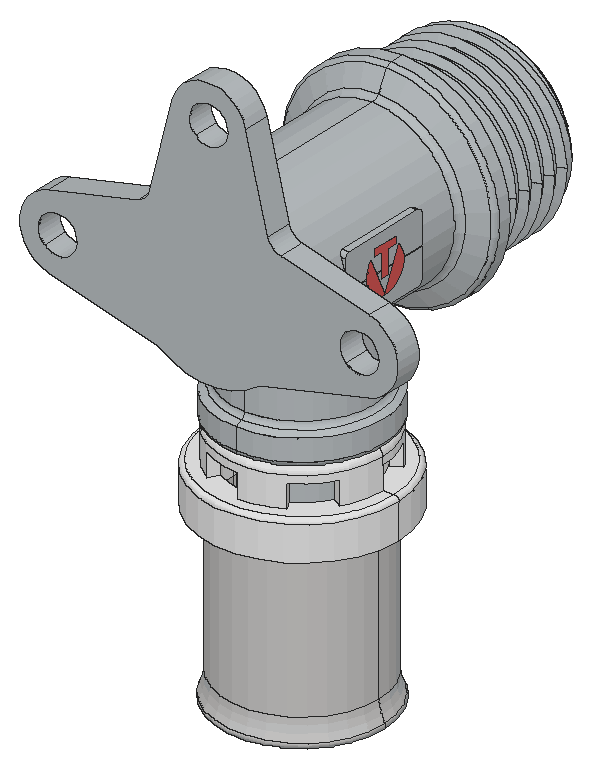
Revit family "VTm_255_ВодорозеткаПресс_ПереходНаружРезьба1", category Соединительные детали трубопроводов, Revit 2017
Family settings
  Размер круглого соединителя = Использовать диаметр
  Тип детали = Отвод
  На основе рабочей плоскости = Нет
  Всегда вертикально = Да
  При загрузке вырезать с полостями = Нет
  Общий = Нет
Parameters (values of type "16 х 1/2"")
  Тело = VTm_255_ТелоРозетки_16_на_ПолДюйма : VTm_255_ТелоРозетки_16_на_ПолДюйма
  Стоимость = 0
  Символ вид сбоку и модель [instance] = yes
  Символ в плане и вид спереди [instance] = yes
  Резьба = VTm_255_РезьбаCоCбегами_Наруж : 1/2" х 5
  РадОтверстий = 2.50 mm  # constant formula
  РадНаружПодРезьбу = 9.02 mm
  РадВнутрПодРезьбу = 7.40 mm
  РадБазы2 = DN2 / 4  # 3.75 mm
  РадБазы1 = DN1 / 4  # 4.00 mm
  С = DN2 * 0.7  # 10.50 mm
  ДлинаШтуцер = 13.00 mm
  Описание = "Служит для соединения резьбовых фитингов и сантехприборов с системами металлополимерных, PEX и PE труб на пресс с поворотом на 90° и неподвижным креплением к строительным конструкциям"  # constant formula
  Комментарии к типоразмеру = "Модель разработана по заказу ВЕСТА Регионы, автор Михаил Кузьмин НПО Инкомис, правообладатель ВЕСТА Регионы"  # constant formula
  Изготовитель = "VALTEC"  # constant formula
  ДоЦентраОтверстий = 17.50 mm
  ДоПятки = 13.50 mm
  ДлинаБазы2 = 14.53 mm
  ДлинаБазы1 = 20.40 mm
  Гильза = VTm_255_Гильза_16 : 16
  Видеть резьбу [instance] = yes
  VT_Цена базовая = 229
  VT_sleeve = Нержавеющая сталь
  VT_ring = Пластмасса, непрозрачная, белая
  VT_logo [instance] = Алюминий, анодированный красный
  VT_body = Цинк
  URL = "http://valtec.ru/catalog/sistemy_metallopolimernyh_i_polimernyh_truboprovodov/press_fitingi/press_fiting_ugolnik_s_krepleniem_vodorozetka_s_narujnoj_rezboj_vtm255n.html"
  DN2 = 15.00 mm
  DN1 = 16.00 mm
  ADSK_Примечание = ""
  ADSK_Позиция = "255.1604"
  ADSK_Обозначение = "VTm.255.N.001604"
  ADSK_Наименование = "Водорозетка пресс с переходом на наружную резьбу 16х1/2\" VTm.255"
  ADSK_Масса_Текст = "0.119"
  ADSK_Масса = 0.119
  ADSK_Завод-изготовитель = "VALTEC"  # constant formula
  ADSK_Единица измерения = "шт"  # constant formula
  ADSK_Версия семейства = "01.01"  # constant formula
  ADSK_Версия Revit = "2017"  # constant formula
Reference planes
  plane 1 "По центру (Вперед/Назад)": y = 0
  plane 2: z = 0
  plane 3 "По центру (Влево/Вправо)": x = 0
  plane 4: y = 14.53
  plane 5: y = 27.53
  plane 6: z = -20.4
  plane 7: z = -36.4
  plane 8: z = -52.4
  plane 9: x = -16
  plane 10: x = 16
  plane 11: y = 16
  plane 12: y = -16
  plane 13: z = -10.5
  plane 14: z = 10.5
  plane 15: x = -10.5
  plane 16: x = 10.5
  plane 17 "Пятка": y = -13.5
  plane 18: z = 17.5
  plane 19: x = 17.5
  plane 20: x = -17.5
Forms (mm)
  Extrusion 1, solid, not visible
    sketch origin (0, 0, 0) x (1, 0, 0) y (0, 0, 1)
      loop
        circle (0, 0) r 3.75
    from -14.53 to 0
  Extrusion 2, solid, not visible
    sketch origin (0, 0, 0) x (1, 0, 0) y (0, 1, 0)
      loop
        circle (0, 0) r 4
    from -20.4 to 0
  Extrusion 3, solid, material "Цинк" <- "VT_body", not visible
    sketch origin (0, 0, 0) x (1, 0, 0) y (0, 0, 1)
      loop
        circle (0, 0) r 9.02
      loop
        circle (0, 0) r 7.4
    from -27.53 to -14.53
Lines and regions (mm)
  model lines, style "VT_symbol", visible <- "Символ в плане и вид спереди", detail levels medium
    curve 1: line (-16, 0, -20.4) -> (16, 0, -52.4)
    curve 2: line (-16, 0, -52.4) -> (16, 0, -20.4)
    curve 8: line (-10.5, 14.53, 0) -> (10.5, 14.53, 0)
  model lines, style "VT_symbol", detail levels coarse+medium
    curve 3: line (0, 0, 0) -> (0, 0, -20.4)
    curve 4: line (0, 14.53, 0) -> (0, 0, 0)
  model lines, style "VT_symbol", visible <- "Символ вид сбоку и модель", detail levels medium
    curve 5: line (0, 16, -20.4) -> (0, -16, -52.4)
    curve 6: line (0, 16, -52.4) -> (0, -16, -20.4)
    curve 7: line (0, 14.53, 10.5) -> (0, 14.53, -10.5)
  model lines, style "VT_symbol", detail levels medium
    curve 9: line (-17.5, -13.5, 0) -> (17.5, -13.5, 0)
    curve 10: line (0, -13.5, 17.5) -> (0, -13.5, 0)
    curve 11: circle (0, -13.5, 17.5) r 2.5 normal (0, -1, 0)
    curve 12: circle (-17.5, -13.5, 0) r 2.5 normal (0, -1, 0)
    curve 13: circle (17.5, -13.5, 0) r 2.5 normal (0, -1, 0)
  model lines, detail levels medium
    curve 14: line (0, 27.53, 0) -> (0, 14.53, 0)
Dimensions and locks
  "ДлинаБазы2": plane 4 to plane 1 "По центру (Вперед/Назад)"
  "ДлинаШтуцер": plane 5 to plane 4
  "ДлинаБазы1": plane 2 to plane 6
  equal spacing: plane 10, plane 3 "По центру (Влево/Вправо)", plane 9
  equal spacing: plane 6, plane 7, plane 8
  "DN1": plane 3 "По центру (Влево/Вправо)" to plane 9
  "DN1": plane 6 to plane 7
  equal spacing: plane 11, plane 1 "По центру (Вперед/Назад)", plane 12
  "DN1": plane 1 "По центру (Вперед/Назад)" to plane 12
  equal spacing: plane 13, plane 2, plane 14
  "С": plane 2 to plane 14
  equal spacing: plane 15, plane 3 "По центру (Влево/Вправо)", plane 16
  "С": plane 15 to plane 3 "По центру (Влево/Вправо)"
  equal spacing: plane 20, plane 3 "По центру (Влево/Вправо)", plane 19
  "ДоЦентраОтверстий": plane 19 to plane 3 "По центру (Влево/Вправо)"
  "ДоЦентраОтверстий": plane 18 to plane 2
  "ДоПятки": plane 17 "Пятка" to plane 1 "По центру (Вперед/Назад)"
  "РадБазы2": radius of Extrusion 1 sketch curve
  "РадБазы1": radius of Extrusion 2 sketch curve
  "РадВнутрПодРезьбу": radius of Extrusion 3 sketch curve
  "РадНаружПодРезьбу": radius of Extrusion 3 sketch curve
  "РадОтверстий": radius of curve 11
  "РадОтверстий": radius of curve 12
  "РадОтверстий": radius of curve 13
  aligned and locked: level to plane 2
  aligned and locked: plane 3 "По центру (Влево/Вправо)" to Extrusion 1 sketch curve
  aligned and locked: plane 2 to Extrusion 1 sketch curve
  aligned and locked: plane 4 to Extrusion 1
  aligned and locked: plane 1 "По центру (Вперед/Назад)" to Extrusion 1
  aligned and locked: plane 3 "По центру (Влево/Вправо)" to Extrusion 2 sketch curve
  aligned and locked: plane 1 "По центру (Вперед/Назад)" to Extrusion 2 sketch curve
  aligned and locked: Extrusion 2 to plane 6
  aligned and locked: plane 2 to Extrusion 2
  aligned and locked: plane 3 "По центру (Влево/Вправо)" to Extrusion 3 sketch curve  (x2)
  aligned and locked: plane 2 to Extrusion 3 sketch curve  (x2)
  aligned and locked: plane 5 to Extrusion 3
  aligned and locked: Extrusion 3 to plane 4
  aligned and locked: plane 3 "По центру (Влево/Вправо)" to nested 1
  aligned and locked: nested 2 to plane 1 "По центру (Вперед/Назад)"
  aligned and locked: plane 3 "По центру (Влево/Вправо)" to nested 2
  aligned and locked: plane 3 "По центру (Влево/Вправо)" to nested 3
  aligned and locked: nested 3 to plane 2
  aligned and locked: plane 1 "По центру (Вперед/Назад)" to nested 4
  aligned and locked: plane 3 "По центру (Влево/Вправо)" to nested 4
  aligned and locked: nested 5 to plane 2
  aligned and locked: plane 3 "По центру (Влево/Вправо)" to nested 5
  aligned and locked: plane 9 to curve 1
  aligned and locked: plane 6 to curve 1
  aligned and locked: plane 10 to curve 2
  aligned and locked: plane 6 to curve 2
  aligned and locked: plane 10 to curve 1
  aligned and locked: plane 8 to curve 1
  aligned and locked: plane 8 to curve 2
  aligned and locked: plane 9 to curve 2
  aligned and locked: plane 6 to curve 3
  aligned and locked: plane 2 to curve 3
  aligned and locked: curve 3 to plane 3 "По центру (Влево/Вправо)"
  aligned and locked: curve 3 to plane 1 "По центру (Вперед/Назад)"
  aligned and locked: plane 4 to curve 4
  aligned and locked: plane 1 "По центру (Вперед/Назад)" to curve 4
  aligned and locked: curve 4 to plane 3 "По центру (Влево/Вправо)"
  aligned and locked: plane 11 to curve 5
  aligned and locked: plane 6 to curve 5
  aligned and locked: plane 6 to curve 6
  aligned and locked: plane 12 to curve 6
  aligned and locked: plane 12 to curve 5
  aligned and locked: plane 8 to curve 5
  aligned and locked: plane 8 to curve 6
  aligned and locked: plane 11 to curve 6
  aligned and locked: plane 4 to curve 7
  aligned and locked: curve 8 to plane 4
  aligned and locked: curve 10 to plane 3 "По центру (Влево/Вправо)"
  aligned and locked: curve 9 to plane 2
  aligned and locked: plane 18 to curve 10
  aligned and locked: plane 20 to curve 9
  aligned and locked: plane 19 to curve 9
  aligned and locked: plane 20 to curve 12
  aligned and locked: plane 2 to curve 12
  aligned and locked: plane 19 to curve 13
  aligned and locked: plane 2 to curve 13
  aligned and locked: plane 3 "По центру (Влево/Вправо)" to curve 11
  aligned and locked: plane 18 to curve 11
  aligned and locked: curve 5 to plane 3 "По центру (Влево/Вправо)"
  aligned and locked: plane 3 "По центру (Влево/Вправо)" to curve 6
  aligned and locked: curve 1 to plane 1 "По центру (Вперед/Назад)"
  aligned and locked: plane 1 "По центру (Вперед/Назад)" to curve 2
  aligned and locked: curve 7 to plane 3 "По центру (Влево/Вправо)"
  aligned and locked: plane 1 "По центру (Вперед/Назад)" to nested 1
  aligned and locked: curve 14 to plane 2
  aligned and locked: plane 5 to curve 14
  aligned and locked: plane 4 to curve 14
Automatic sketch dimensions
  curve 8 to plane 16 = 0.00 mm
  curve 8 to plane 15 = 0.00 mm
  curve 7 to plane 13 = 0.00 mm
  plane 14 to curve 7 = 0.00 mm
Nested families
  nested 1: "VTm_255_ТелоРозетки_16_на_ПолДюйма" at (0, 0, 0), type <- "Тело", type "VTm_255_ТелоРозетки_16_на_ПолДюйма", detail levels fine
  nested 2: "VTm_255_Гильза_16" at (0, 0, -20.4) x (1, 0, 0) z (0, 0, -1), type <- "Гильза", type "16", detail levels fine
  nested 3: "VTm_255_РезьбаCоCбегами_Наруж" at (0, 27.53, 0) x (1, 0, 0) z (0, 1, 0), type <- "Резьба", visible <- "Видеть резьбу", type "1/2" х 5", detail levels fine
  nested 4: "MarkR" at (0, 0, -20.4), type "MarkR", not visible
  nested 5: "MarkR" at (0, 14.53, 0) x (1, 0, 0) z (0, -1, 0), type "MarkR", not visible
Connectors
  piping at (0, 0, -20.4), diameter 16, driven by "DN1"
    settings: on Extrusion 2, index 1, connector inside diameter 609.6 mm, connector length 0.00 mm, flow factor 0, pipe flow 0.0 L/s, pressure drop 0.0 Pa, fitting loss kfactor 0, connector angle 0.00°, fixture units 0, engagement length 0.00 mm, angle of deflection 0.00°, flow configuration 0, flow direction 0, fitting loss method 0, system type 28, joint type 0, gender type 0, connector reference index 2, connector utility 0, adjustable connector no, is connector primary yes, connector description ""
  piping at (0, 14.53, 0), diameter 15, driven by "DN2"
    settings: on Extrusion 1, index 2, connector inside diameter 609.6 mm, connector length 0.00 mm, flow factor 0, pipe flow 0.0 L/s, pressure drop 0.0 Pa, fitting loss kfactor 0, connector angle 90.00°, fixture units 0, engagement length 0.00 mm, angle of deflection 0.00°, flow configuration 0, flow direction 0, fitting loss method 0, system type 28, joint type 0, gender type 0, connector reference index 1, connector utility 0, adjustable connector no, is connector primary no, connector description ""
Definition of nested family "VTm_255_ТелоРозетки_16_на_ПолДюйма"
  Parameters (values of type "VTm_255_ТелоРозетки_16_на_ПолДюйма")
    Description = ""
    Type Comments = ""
    VT_logo = none
    VT_body = none
  Reference planes
    plane 1 "По центру (Вперед/Назад)": y = 0
    plane 2: z = 0
    plane 3 "По центру (Влево/Вправо)": x = 0
    plane 4: z = 22
    plane 5: z = 17.5
    plane 6: x = 22
    plane 7: x = 17.5
    plane 8: x = -22
    plane 9: x = -17.5
    plane 10: x = -9.5
    plane 11: x = 9.5
  Forms (mm)
    Revolve 1, solid, material <- "VT_body"
      sketch origin (0, 0, 0) x (0, 1, 0) y (0, 0, 1)
        loop
          line (14.528, 12.5) -> (12.946, 12.5)
          arc (12.946, 12.5) -> (12.56, 12.397) -> (12.277, 12.114) r 0.772
          line (12.277, 12.114) -> (11.061, 10.007)
          arc (11.061, 10.007) -> (10.69, 9.636) -> (10.183, 9.5) r 1.014
          line (10.183, 9.5) -> (-10.5, 9.5) -> (-10.5, 0) -> (14.528, 0) -> (14.528, 7.4) -> (27.528, 7.4) -> (27.528, 9.02) -> (26.648, 9.9) -> (14.528, 9.9) -> (14.528, 12.5)
        axis (27.528, 0) -> (-10.5, 0)
      angle from 0 to 360
    Revolve 2, solid, material <- "VT_body"
      sketch origin (0, 0, 0) x (0, 1, 0) y (0, 0, 1)
        loop
          line (8.344, 0) -> (0, 0) -> (0, -18.6) -> (8.997, -18.6)
          arc (8.997, -18.6) -> (9.353, -18.453) -> (9.5, -18.097) r 0.503
          line (9.5, -18.097) -> (9.5, -15.6) -> (8.736, -15.159)
          arc (8.736, -15.159) -> (8.449, -14.872) -> (8.344, -14.479) r 0.785
          line (8.344, -14.479) -> (8.344, 0)
        axis (0, -18.6) -> (0, 0)
      angle from 0 to 360
    Extrusion 3, solid, material <- "VT_body"
      sketch origin (-1.204, 0, -4.867) x (-0.707107, 0, -0.707107) y (0.707107, 0, -0.707107)
        loop
          arc (5.143, -1.486) -> (2.425, 4.127) -> (-3.188, 6.845) r 9.5
          line (-3.188, 6.845) -> (-14.381, 13.582)
          arc (-14.381, 13.582) -> (-19.802, 12.918) -> (-20.465, 7.498) r 4.433
          line (-20.465, 7.498) -> (-15.014, -1.559)
          arc (-15.014, -1.559) -> (-14.727, -2.591) -> (-15.014, -3.622) r 2
          line (-15.014, -3.622) -> (-20.465, -12.679)
          arc (-20.465, -12.679) -> (-19.802, -18.099) -> (-14.381, -18.763) r 4.433
          line (-14.381, -18.763) -> (-5.324, -13.312)
          arc (-5.324, -13.312) -> (-4.293, -13.025) -> (-3.261, -13.312) r 2
          line (-3.261, -13.312) -> (5.796, -18.763)
          arc (5.796, -18.763) -> (11.216, -18.099) -> (11.879, -12.679) r 4.433
          line (11.879, -12.679) -> (5.143, -1.486)
        loop
          circle (8.082, -14.965) r 2.25
        loop
          circle (-16.667, -14.965) r 2.25
        loop
          circle (-16.667, 9.784) r 2.25
      from 10.5 to 13.5
    Extrusion 4, solid, material <- "VT_body"
      sketch origin (0, 0, 0) x (0, 1, 0) y (0, 0, 1)
        loop
          arc (-4.968, 4) -> (-5.344, 3.844) -> (-5.5, 3.468) r 0.532
          line (-5.5, 3.468) -> (-5.5, -3.347)
          arc (-5.5, -3.347) -> (-5.309, -3.809) -> (-4.847, -4) r 0.653
          line (-4.847, -4) -> (4.652, -4)
          arc (4.652, -4) -> (5.252, -3.752) -> (5.5, -3.152) r 0.848
          line (5.5, -3.152) -> (5.5, 3.27)
          arc (5.5, 3.27) -> (5.286, 3.786) -> (4.77, 4) r 0.73
          line (4.77, 4) -> (-4.968, 4)
      from -9.5 to 9.5
  Cuts and joins
    joined: Revolve 1, Revolve 2
  Dimensions and locks
    Revolve 1 sketch curve to plane 2 = 7.40 mm
    equal spacing: Extrusion 4 sketch curve, plane 1 "По центру (Вперед/Назад)", Extrusion 4 sketch curve
    equal spacing: Extrusion 4 sketch curve, plane 2, Extrusion 4 sketch curve
    plane 1 "По центру (Вперед/Назад)" to Extrusion 4 sketch curve = 5.50 mm
    Extrusion 4 sketch curve to plane 2 = 4.00 mm
    equal spacing: plane 11, plane 3 "По центру (Влево/Вправо)", plane 10, locked at 9.5 each
    plane 3 "По центру (Влево/Вправо)" to plane 10 = 9.50 mm
    locked: plane 1 "По центру (Вперед/Назад)" to Extrusion 3 at 13.5
    locked: plane 1 "По центру (Вперед/Назад)" to Extrusion 3 at 10.5
    locked: plane 5 to plane 2 at 17.5
    locked: plane 4 to plane 2 at 22
    locked: plane 2 to Revolve 2 at 15.6
    Revolve 1 to plane 1 "По центру (Вперед/Назад)" = 14.528 mm
    equal spacing: Extrusion 4, plane 2, Extrusion 4, locked at 4 each
    equal spacing: Extrusion 4, plane 1 "По центру (Вперед/Назад)", Extrusion 4, locked at 5.5 each
    equal spacing: plane 9, plane 3 "По центру (Влево/Вправо)", plane 7, locked at 17.5 each
    equal spacing: plane 8, plane 3 "По центру (Влево/Вправо)", plane 6, locked at 22 each
    Revolve 1 sketch curve to plane 2 = 9.90 mm
    Revolve 1 sketch curve to Revolve 1 sketch curve = 2.50 mm
    aligned and locked: level to plane 2
    aligned and locked: Revolve 1 sketch curve to plane 2
    aligned and locked: Revolve 1 sketch curve to Revolve 1 sketch curve
    aligned and locked: plane 1 "По центру (Вперед/Назад)" to Revolve 2 sketch curve
    aligned and locked: Revolve 2 sketch curve to Revolve 2 sketch curve
    aligned and locked: plane 5 to Extrusion 3 sketch curve  (x2)
    aligned and locked: plane 3 "По центру (Влево/Вправо)" to Extrusion 3 sketch curve  (x2)
    aligned and locked: plane 9 to Extrusion 3 sketch curve  (x2)
    aligned and locked: plane 2 to Extrusion 3 sketch curve  (x4)
    aligned and locked: plane 7 to Extrusion 3 sketch curve  (x2)
    aligned and locked: Extrusion 4 to plane 10
    aligned and locked: Extrusion 4 to plane 11
    aligned and locked: plane 1 "По центру (Вперед/Назад)" to nested 2
    aligned and locked: nested 2 to plane 2
    aligned and locked: nested 1 to plane 1 "По центру (Вперед/Назад)"
    aligned and locked: nested 1 to plane 2
  Automatic sketch dimensions
    Revolve 2 sketch curve to level = 0.00 mm
    Revolve 2 sketch curve to plane 1 "По центру (Вперед/Назад)" = 8.344 mm
    Revolve 2 sketch curve to Revolve 2 sketch curve = 0.392 mm  (x2)
    Revolve 2 sketch curve to Revolve 2 sketch curve = 0.26 mm
    Revolve 2 sketch curve to Revolve 2 sketch curve = 0.441 mm
    Revolve 2 sketch curve to Revolve 2 sketch curve = 2.497 mm
    Revolve 2 sketch curve to Revolve 2 sketch curve = 11.801 mm
    level to Revolve 2 sketch curve = 14.599 mm
    Revolve 2 sketch curve to Revolve 2 sketch curve = 14.479 mm
    Extrusion 3 sketch curve to level = 0.00 mm
    Extrusion 3 sketch curve to plane 3 "По центру (Влево/Вправо)" = 0.00 mm
    Extrusion 3 sketch curve to Extrusion 3 sketch curve = 0.06 mm  (x2)
    Extrusion 3 sketch curve to Extrusion 3 sketch curve = 3.798 mm  (x4)
    Extrusion 3 sketch curve to Extrusion 3 sketch curve = 1.714 mm  (x2)
    Extrusion 3 sketch curve to Extrusion 3 sketch curve = 2.286 mm  (x3)
    Extrusion 3 sketch curve to Extrusion 3 sketch curve = 9.057 mm  (x2)
    Extrusion 3 sketch curve to Extrusion 3 sketch curve = 1.031 mm  (x2)
    Extrusion 3 sketch curve to Extrusion 3 sketch curve = 1.104 mm  (x2)
    Extrusion 3 sketch curve to Extrusion 3 sketch curve = 9.436 mm
    Extrusion 4 sketch curve to Extrusion 4 sketch curve = 0.532 mm
    Extrusion 4 sketch curve to Extrusion 4 sketch curve = 0.653 mm
    Extrusion 4 sketch curve to Extrusion 4 sketch curve = 0.848 mm
    Extrusion 4 sketch curve to Extrusion 4 sketch curve = 0.73 mm
    plane 1 "По центру (Вперед/Назад)" to Revolve 1 sketch curve = 10.50 mm
    Revolve 1 sketch curve to plane 1 "По центру (Вперед/Назад)" = 10.183 mm
    Revolve 1 sketch curve to Revolve 1 sketch curve = 0.878 mm
    Revolve 1 sketch curve to plane 5 = 5.386 mm
    Revolve 1 sketch curve to Revolve 1 sketch curve = 1.216 mm
    Revolve 1 sketch curve to Revolve 1 sketch curve = 0.669 mm
    Revolve 1 sketch curve to Revolve 1 sketch curve = 4.346 mm
    Revolve 1 sketch curve to Revolve 1 sketch curve = 1.582 mm
    Revolve 1 sketch curve to Revolve 1 sketch curve = 12.12 mm
    Revolve 1 sketch curve to Revolve 1 sketch curve = 0.88 mm  (x2)
    level to Revolve 1 sketch curve = 9.50 mm
    Revolve 1 sketch curve to Revolve 1 sketch curve = 11.335 mm
    Revolve 1 sketch curve to Revolve 1 sketch curve = 9.692 mm
    radius of Extrusion 3 sketch curve = 2.25 mm  (x3)
  Nested families
    nested 1: "VTm_254_Logo_5_5mm" at (9.5, 0, 0) x (0, 1, 0) z (1, 0, 0), type "VTm_254_Logo_5_5mm"
    nested 2: "VTm_254_Logo_5_5mm" at (-9.5, 0, 0) x (0, -1, 0) z (-1, 0, 0), type "VTm_254_Logo_5_5mm"
  Definition of nested family "VTm_254_Logo_5_5mm"
    Parameters (values of type "VTm_254_Logo_5_5mm")
      Default Elevation = 0.00 mm
      Description = ""
      Type Comments = ""
      VT_logo = none
    Reference planes
      plane 1 "По центру (Вперед/Назад)": y = 0
      plane 2: z = 0
      plane 3 "По центру (Влево/Вправо)": x = 0
      plane 4: z = -0.8
      plane 5: z = 0.1
    Forms (mm)
      Extrusion 1, solid, not visible
        sketch origin (0, 0, 0) x (1, 0, 0) y (0, 1, 0)
          loop
            line (-1219.2, 1219.2) -> (-1219.2, -1219.2) -> (1219.2, -1219.2) -> (1219.2, 1219.2) -> (-1219.2, 1219.2)
        from 0 to -304.8
      Extrusion 2, solid, material <- "VT_logo"
        sketch origin (0, 0, 0) x (1, 0, 0) y (0, 1, 0)
          loop
            arc (-2.006, 1.803) -> (-2.464, -1.097) -> (-0.002, -2.697) r 2.697
            line (-0.002, -2.697) -> (-2.006, 1.803)
          loop
            line (-0.42, 1.945) -> (-0.42, -0.8) -> (0.42, -0.8) -> (0.42, 1.945) -> (1.5, 1.945) -> (1.5, 2.749) -> (-1.5, 2.749) -> (-1.5, 1.945) -> (-0.42, 1.945)
        from -0.8 to 0.1
      Extrusion 3, solid, material <- "VT_logo"
        sketch origin (0, 0, 0) x (1, 0, 0) y (0, 1, 0)
          loop
            arc (0.002, -2.697) -> (2.464, -1.097) -> (2.006, 1.803) r 2.697
            line (2.006, 1.803) -> (0.002, -2.697)
        from -0.8 to 0.1
    Dimensions and locks
      equal spacing: Extrusion 2 sketch curve, plane 3 "По центру (Влево/Вправо)", Extrusion 2 sketch curve  (x2)
      plane 3 "По центру (Влево/Вправо)" to Extrusion 2 sketch curve = 0.42 mm
      Extrusion 2 sketch curve to plane 3 "По центру (Влево/Вправо)" to Extrusion 2 sketch curve = 1.50 mm, 1.50 mm
      Extrusion 2 sketch curve to Extrusion 2 sketch curve = 0.803 mm  (x2)
      locked: plane 2 to plane 4 at 0.8
      locked: plane 5 to plane 2 at 0.1
      equal spacing: Extrusion 2, plane 3 "По центру (Влево/Вправо)", Extrusion 2, locked at 1.5 each
      equal spacing: Extrusion 2, plane 3 "По центру (Влево/Вправо)", Extrusion 2, locked at 0.42 each
      locked: Extrusion 2 to plane 1 "По центру (Вперед/Назад)" at 2.749
      locked: Extrusion 2 to plane 1 "По центру (Вперед/Назад)" at 0.8
      locked: Extrusion 2 to Extrusion 2 at 0.803
      Extrusion 2 sketch curve to plane 1 "По центру (Вперед/Назад)" = 0.80 mm
      aligned and locked: plane 2 to Extrusion 1
      aligned and locked: level to Extrusion 1
      aligned and locked: plane 5 to Extrusion 2
      aligned and locked: plane 3 "По центру (Влево/Вправо)" to Extrusion 2 sketch curve
      aligned and locked: plane 1 "По центру (Вперед/Назад)" to Extrusion 2 sketch curve
      aligned and locked: plane 3 "По центру (Влево/Вправо)" to Extrusion 3 sketch curve
      aligned and locked: plane 1 "По центру (Вперед/Назад)" to Extrusion 3 sketch curve
      aligned and locked: plane 5 to Extrusion 3
      aligned and locked: Extrusion 2 to plane 4
      aligned and locked: Extrusion 2 to Extrusion 3
    Automatic sketch dimensions
      Extrusion 1 sketch curve to Extrusion 1 sketch curve = 2438.40 mm  (x2)
      Extrusion 2 sketch curve to Extrusion 2 sketch curve = 0.506 mm
      Extrusion 2 sketch curve to plane 3 "По центру (Влево/Вправо)" = 0.002 mm
      Extrusion 2 sketch curve to Extrusion 2 sketch curve = 1.897 mm
      Extrusion 2 sketch curve to Extrusion 2 sketch curve = 0.142 mm
      plane 3 "По центру (Влево/Вправо)" to Extrusion 3 sketch curve = 0.002 mm
      plane 3 "По центру (Влево/Вправо)" to Extrusion 3 sketch curve = 2.006 mm
      plane 1 "По центру (Вперед/Назад)" to Extrusion 3 sketch curve = 2.697 mm
Definition of nested family "VTm_255_Гильза_16"
  Parameters (values of type "16")
    ТолщСтенкТруб = 2.10 mm
    РегулировкаВысотГильз = 17.30 mm
    РадПерфНаруж = 9.30 mm
    РадПерфВнутр = РадПерфНаруж - 1.30 mm  # 8.00 mm
    РадГабаритКольца = 11.20 mm
    Default Elevation = 0.00 mm
    НарРадТруб = НарДиамТруб / 2  # 8.00 mm
    НарДиамТруб = 16.00 mm
    ВысотаОкон = 2.697 mm
    VT_body = none
    VT_ring = none
    VT_sleeve = none
  Reference planes
    plane 1 "По центру (Вперед/Назад)": y = 0
    plane 2: z = 0
    plane 3 "По центру (Влево/Вправо)": x = 0
    plane 4: z = -1.8
    plane 5: z = 2.697
    plane 6: z = 7.197
    plane 7: x = -11.2
    plane 8: x = -9.3
    plane 9 "РадПерфВнутр": x = -8
    plane 10: through (0, 0, 1219.2) normal (-0.5, -0.866, 0)
    plane 11: through (0, 0, 1219.2) normal (-0.866, -0.5, 0)
    plane 12: through (0, 0, 1219.2) normal (-0.866, 0.5, 0)
    plane 13: through (0, 0, 1219.2) normal (-0.5, 0.866, 0)
    plane 14: x = -8.9
    plane 15: z = 24.497
    plane 16: z = 27.313
    plane 17: x = -5.9
    plane 18: x = -3.5
    plane 19 "РадНарТруб": x = -8
    plane 20: x = -13.75
  Forms (mm)
    Extrusion 1, solid, not visible
      sketch origin (0, 0, 0) x (1, 0, 0) y (0, 1, 0)
        loop
          line (-1219.2, 1219.2) -> (-1219.2, -1219.2) -> (1219.2, -1219.2) -> (1219.2, 1219.2) -> (-1219.2, 1219.2)
      from 0 to -304.8
    Revolve 2, solid, material <- "VT_ring"
      sketch origin (0, 0, 0) x (1, 0, 0) y (0, 0, 1)
        loop
          line (-8, 0) -> (-8, 2.697) -> (-9.3, 2.697) -> (-9.3, -0.817)
          arc (-9.3, -0.817) -> (-9.012, -1.512) -> (-8.317, -1.8) r 0.983
          line (-8.317, -1.8) -> (0, -1.8) -> (0, 0) -> (-8, 0)
        axis (0, 2.697) -> (0, -1.8)
      angle from 0 to 360
    Extrusion 3, void
      sketch origin (0, 0, 0) x (1, 0, 0) y (0, 1, 0)
        loop
          line (-9.3, 0) -> (-8, 0)
          arc (-8, 0) -> (-7.727, 2.071) -> (-6.928, 4) r 8
          line (-6.928, 4) -> (-8.054, 4.65)
          arc (-8.054, 4.65) -> (-8.983, 2.407) -> (-9.3, 0) r 9.3
        loop
          arc (-4, 6.928) -> (-2.071, 7.727) -> (0, 8) r 8
          line (0, 8) -> (0, 9.3)
          arc (0, 9.3) -> (-2.407, 8.983) -> (-4.65, 8.054) r 9.3
          line (-4.65, 8.054) -> (-4, 6.928)
        loop
          arc (4, 6.928) -> (5.657, 5.657) -> (6.928, 4) r 8
          line (6.928, 4) -> (8.054, 4.65)
          arc (8.054, 4.65) -> (6.576, 6.576) -> (4.65, 8.054) r 9.3
          line (4.65, 8.054) -> (4, 6.928)
        loop
          arc (8, 0) -> (7.727, -2.071) -> (6.928, -4) r 8
          line (6.928, -4) -> (8.054, -4.65)
          arc (8.054, -4.65) -> (8.983, -2.407) -> (9.3, 0) r 9.3
          line (9.3, 0) -> (8, 0)
        loop
          arc (4, -6.928) -> (2.071, -7.727) -> (0, -8) r 8
          line (0, -8) -> (0, -9.3)
          arc (0, -9.3) -> (2.407, -8.983) -> (4.65, -8.054) r 9.3
          line (4.65, -8.054) -> (4, -6.928)
        loop
          arc (-8.054, -4.65) -> (-6.576, -6.576) -> (-4.65, -8.054) r 9.3
          line (-4.65, -8.054) -> (-4, -6.928)
          arc (-4, -6.928) -> (-5.657, -5.657) -> (-6.928, -4) r 8
          line (-6.928, -4) -> (-8.054, -4.65)
      from 0 to 2.697
    Revolve 4, solid, material <- "VT_ring"
      sketch origin (0, 0, 0) x (1, 0, 0) y (0, 0, 1)
        loop
          line (-11.2, 7.197) -> (-11.2, 3.224)
          arc (-11.2, 3.224) -> (-11.046, 2.851) -> (-10.674, 2.697) r 0.526
          line (-10.674, 2.697) -> (-8, 2.697) -> (-8, 7.197) -> (-11.2, 7.197)
        axis (0, 2.697) -> (0, 7.197)
      angle from 0 to 360
    Revolve 5, solid, material <- "VT_sleeve"
      sketch origin (0, 0, 0) x (1, 0, 0) y (0, 0, 1)
        loop
          line (-8.9, 7.197) -> (-8, 7.197) -> (-8, 24.497)
          arc (-8, 24.497) -> (-8.187, 25.953) -> (-8.737, 27.313) r 5.75
          arc (-8.737, 27.313) -> (-9.35, 27.485) -> (-9.522, 26.873) r 0.45
          arc (-9.522, 26.873) -> (-9.058, 25.725) -> (-8.9, 24.497) r 4.85
          line (-8.9, 24.497) -> (-8.9, 7.197)
        axis (0, 27.313) -> (0, 7.197)
      angle from 0 to 360
    Revolve 6, solid, material <- "VT_body"
      sketch origin (0, 0, 0) x (1, 0, 0) y (0, 0, 1)
        loop
          line (-3.764, 24.955) -> (-4.576, 26.366)
          arc (-4.576, 26.366) -> (-4.898, 26.631) -> (-5.315, 26.617) r 0.591
          arc (-5.315, 26.617) -> (-5.74, 26.267) -> (-5.9, 25.739) r 0.951
          line (-5.9, 25.739) -> (-5.9, 0) -> (-3.5, 0) -> (-3.5, 23.969)
          arc (-3.5, 23.969) -> (-3.567, 24.479) -> (-3.764, 24.955) r 1.977
        axis (0, 26.617) -> (0, 0)
      angle from 0 to 360
  Cuts and joins
    Extrusion 3 cuts Revolve 2
  Dimensions and locks
    "РадГабаритКольца": plane 7 to plane 3 "По центру (Влево/Вправо)"
    "РадПерфНаруж": plane 8 to plane 3 "По центру (Влево/Вправо)"
    "РадПерфВнутр": plane 9 "РадПерфВнутр" to plane 3 "По центру (Влево/Вправо)"
    locked: plane 17 to plane 18 at 2.4
    "ТолщСтенкТруб": plane 19 "РадНарТруб" to plane 17
    "НарРадТруб": plane 19 "РадНарТруб" to plane 3 "По центру (Влево/Вправо)"
    locked: plane 14 to plane 19 "РадНарТруб" at 0.9
    "РегулировкаВысотГильз": plane 15 to plane 6
    locked: plane 16 to plane 15 at 2.816
    plane 16 to plane 4 = 29.113 mm
    locked: plane 19 "РадНарТруб" to plane 20 at 5.75
    locked: plane 6 to plane 5 at 4.5
    locked: plane 2 to plane 4 at 1.8
    "ВысотаОкон": plane 5 to plane 2
    "РадПерфВнутр": radius of Extrusion 3 sketch curve  (x6)
    "РадПерфНаруж": radius of Extrusion 3 sketch curve  (x6)
    aligned and locked: plane 2 to Extrusion 1
    aligned and locked: level to Extrusion 1
    aligned and locked: Revolve 2 sketch curve to plane 8
    aligned and locked: Revolve 2 sketch curve to plane 3 "По центру (Влево/Вправо)"
    aligned and locked: plane 2 to Revolve 2 sketch curve
    aligned and locked: plane 4 to Revolve 2 sketch curve  (x2)
    aligned and locked: Revolve 2 sketch curve to plane 2
    aligned and locked: Extrusion 3 sketch curve to plane 1 "По центру (Вперед/Назад)"
    aligned and locked: plane 10 to Extrusion 3 sketch curve
    aligned and locked: plane 3 "По центру (Влево/Вправо)" to Extrusion 3 sketch curve  (x13)
    aligned and locked: plane 1 "По центру (Вперед/Назад)" to Extrusion 3 sketch curve  (x13)
    aligned and locked: Extrusion 3 to plane 2
    aligned and locked: plane 5 to Extrusion 3
    aligned and locked: Revolve 2 sketch curve to plane 9 "РадПерфВнутр"
    aligned and locked: Revolve 2 sketch curve to plane 5
    aligned and locked: Extrusion 3 sketch curve to plane 11
    aligned and locked: Extrusion 3 sketch curve to plane 3 "По центру (Влево/Вправо)"
    aligned and locked: Extrusion 3 sketch curve to plane 12
    aligned and locked: plane 13 to Extrusion 3 sketch curve
    aligned and locked: Extrusion 3 sketch curve to plane 10
    aligned and locked: plane 11 to Extrusion 3 sketch curve
    aligned and locked: Extrusion 3 sketch curve to plane 13
    aligned and locked: plane 12 to Extrusion 3 sketch curve
    aligned and locked: plane 9 "РадПерфВнутр" to Revolve 4 sketch curve
    aligned and locked: plane 7 to Revolve 4 sketch curve
    aligned and locked: plane 6 to Revolve 4 sketch curve
    aligned and locked: Revolve 4 sketch curve to plane 5
    aligned and locked: plane 3 "По центру (Влево/Вправо)" to Revolve 4 sketch curve
    aligned and locked: plane 4 to Revolve 4 sketch curve
    aligned and locked: plane 2 to Revolve 4 sketch curve
    aligned and locked: Revolve 5 sketch curve to plane 3 "По центру (Влево/Вправо)"
    aligned and locked: plane 4 to Revolve 5 sketch curve
    aligned and locked: plane 2 to Revolve 5 sketch curve
    aligned and locked: Revolve 5 sketch curve to plane 14
    aligned and locked: Revolve 5 sketch curve to plane 6
    aligned and locked: Revolve 6 sketch curve to plane 2
    aligned and locked: plane 17 to Revolve 6 sketch curve
    aligned and locked: Revolve 6 sketch curve to plane 3 "По центру (Влево/Вправо)"
    aligned and locked: plane 4 to Revolve 6 sketch curve
    aligned and locked: plane 2 to Revolve 6 sketch curve
    aligned and locked: Revolve 6 sketch curve to plane 18
    aligned and locked: Revolve 5 sketch curve to plane 19 "РадНарТруб"
    aligned and locked: plane 20 to Revolve 5 sketch curve  (x2)
    aligned and locked: plane 15 to Revolve 5 sketch curve  (x2)
  Automatic sketch dimensions
    Extrusion 1 sketch curve to Extrusion 1 sketch curve = 2438.40 mm  (x2)
    Revolve 2 sketch curve to plane 3 "По центру (Влево/Вправо)" = 0.00 mm
    Revolve 2 sketch curve to plane 9 "РадПерфВнутр" = 0.317 mm
    Revolve 4 sketch curve to Revolve 4 sketch curve = 0.526 mm
    Revolve 5 sketch curve to plane 16 = 0.00 mm
    Revolve 5 sketch curve to Revolve 5 sketch curve = 0.00 mm  (x2)
    Revolve 6 sketch curve to plane 17 = 0.423 mm
    Revolve 6 sketch curve to plane 17 = 0.812 mm
    Revolve 6 sketch curve to Revolve 6 sketch curve = 0.139 mm
    Revolve 6 sketch curve to Revolve 6 sketch curve = 0.512 mm
    plane 18 to Revolve 6 sketch curve = 0.264 mm
    plane 15 to Revolve 6 sketch curve = 0.528 mm
    Revolve 6 sketch curve to Revolve 6 sketch curve = 0.332 mm
Definition of nested family "VTm_255_РезьбаCоCбегами_Наруж"
  Parameters (values of type "1/2" х 5")
    Погружение = 0.90 mm  # constant formula
    Default Elevation = 0.00 mm
    Z = 5
    VT_body = none
    P = 1.814 mm
    L = Z * P + P * 1.5  # 11.791 mm
    H = P * 0.96049  # 1.742 mm
    D2/2 = D2 / 2  # 9.896 mm
    D2 = 19.793 mm
    1/2P = P / 2  # 0.907 mm
  Reference planes
    plane 1 "По центру (Вперед/Назад)": y = 0
    plane 2: z = 0
    plane 3 "По центру (Влево/Вправо)": x = 0
    plane 4: x = -9.896
    plane 5 "1": z = -12.691
    plane 6 "2": z = -11.784
    plane 7: x = 9.897
    plane 8: x = -9.025
    plane 9: x = -10.768
    plane 10: x = 9.025
    plane 11: x = 10.768
    plane 12 "3": z = -10.877
    plane 13 "4": z = -9.97
    plane 14 "3A": z = -2.714
    plane 15 "2A": z = -1.807
    plane 16 "1A": z = -0.9
  Forms (mm)
    Extrusion 1, solid
      sketch origin (0, 0, 0) x (1, 0, 0) y (0, 1, 0)
        loop
          line (-1219.2, 1219.2) -> (-1219.2, -1219.2) -> (1219.2, -1219.2) -> (1219.2, 1219.2) -> (-1219.2, 1219.2)
      from 0 to -304.8
    SweptBlend 2, solid, material <- "VT_body"
      path origin (0, 0, -12.691) x (-1, 0, 0) y (0, -1, 0)
        loop
          arc (9.896, 0) -> (0, 9.897) -> (-9.897, 0) r 9.896
      profile origin (-9.896, 0, -12.691) x (1, 0, 0) y (0, 0, 1)
        loop
          line (0.871, 0.907) -> (0, 0) -> (0.871, 0) -> (0.871, 0.907)
      end profile origin (9.897, 0, -12.691) x (-1, 0, 0) y (0, 0, 1)
        loop
          line (0.871, 1.814) -> (-0.871, 0.907) -> (0.871, 0) -> (0.871, 1.814)
    SweptBlend 3, solid, material <- "VT_body"
      path origin (0, 0, -11.784) x (-1, 0, 0) y (0, -1, 0)
        loop
          arc (-9.897, 0) -> (0, -9.896) -> (9.896, 0) r 9.896
      profile origin (9.897, 0, -11.784) x (-1, 0, 0) y (0, 0, 1)
        loop
          line (0.871, 0.907) -> (-0.871, 0) -> (0.871, -0.907) -> (0.871, 0.907)
      end profile origin (-9.896, 0, -11.784) x (1, 0, 0) y (0, 0, 1)
        loop
          line (0.871, 1.814) -> (-0.871, 0.907) -> (0.871, 0) -> (0.871, 1.814)
    SweptBlend 4, solid, material <- "VT_body"
      path origin (0, 0, -0.9) x (-1, 0, 0) y (0, -1, 0)
        loop
          arc (-9.897, 0) -> (0, 9.897) -> (9.896, 0) r 9.896
      profile origin (9.897, 0, -0.9) x (1, 0, 0) y (0, 0, 1)
        loop
          line (-0.871, 0) -> (-0.871, -0.907) -> (0, 0) -> (-0.871, 0)
      end profile origin (-9.896, 0, -0.9) x (-1, 0, 0) y (0, 0, 1)
        loop
          line (-0.871, 0) -> (-0.871, -1.814) -> (0.871, -0.907) -> (-0.871, 0)
  Dimensions and locks
    equal spacing: plane 7, plane 3 "По центру (Влево/Вправо)", plane 4
    "D2": plane 7 to plane 4
    equal spacing: plane 8, plane 4, plane 9
    "H": plane 8 to plane 9
    equal spacing: plane 10, plane 3 "По центру (Влево/Вправо)", plane 8
    equal spacing: plane 11, plane 3 "По центру (Влево/Вправо)", plane 9
    "1/2P": plane 6 "2" to plane 5 "1"
    "1/2P": plane 16 "1A" to plane 15 "2A"
    "L": plane 16 "1A" to plane 5 "1"
    equal spacing: plane 16 "1A", plane 15 "2A", plane 14 "3A"
    equal spacing: plane 13 "4", plane 12 "3", plane 6 "2", plane 5 "1"
    equal spacing: group 1, group 2, group 3, group 4, group 5  (x3)
    "P": nested 2 to plane 12 "3"
    "Погружение": plane 2 to plane 16 "1A"
    "D2/2": radius of SweptBlend 3 sketch curve
    "D2/2": radius of SweptBlend 2 sketch curve
    "D2/2": radius of SweptBlend 4 sketch curve
    aligned and locked: plane 2 to Extrusion 1
    aligned and locked: level to Extrusion 1
    aligned and locked: plane 1 "По центру (Вперед/Назад)" to SweptBlend 2 sketch curve  (x2)
    aligned and locked: plane 7 to SweptBlend 2 sketch curve
    aligned and locked: plane 8 to SweptBlend 2 sketch curve
    aligned and locked: plane 6 "2" to SweptBlend 2 sketch curve  (x2)
    aligned and locked: plane 10 to SweptBlend 2 sketch curve
    aligned and locked: plane 12 "3" to SweptBlend 2 sketch curve
    aligned and locked: plane 11 to SweptBlend 2 sketch curve
    aligned and locked: SweptBlend 3 sketch curve to SweptBlend 2  (x4)
    aligned and locked: SweptBlend 2 to SweptBlend 3 sketch curve
    aligned and locked: plane 1 "По центру (Вперед/Назад)" to SweptBlend 3 sketch curve
    aligned and locked: plane 4 to SweptBlend 3 sketch curve
    aligned and locked: plane 8 to SweptBlend 3 sketch curve
    aligned and locked: plane 6 "2" to SweptBlend 3 sketch curve
    aligned and locked: plane 13 "4" to SweptBlend 3 sketch curve
    aligned and locked: SweptBlend 3 sketch curve to plane 9
    aligned and locked: plane 12 "3" to SweptBlend 3 sketch curve
    aligned and locked: plane 5 "1" to SweptBlend 2 sketch curve  (x2)
    aligned and locked: plane 3 "По центру (Влево/Вправо)" to SweptBlend 4 sketch curve
    aligned and locked: plane 1 "По центру (Вперед/Назад)" to SweptBlend 4 sketch curve  (x3)
    aligned and locked: plane 8 to SweptBlend 4 sketch curve
    aligned and locked: plane 14 "3A" to SweptBlend 4 sketch curve
    aligned and locked: plane 16 "1A" to SweptBlend 4 sketch curve  (x3)
    aligned and locked: SweptBlend 4 sketch curve to plane 9
    aligned and locked: plane 15 "2A" to SweptBlend 4 sketch curve  (x2)
    aligned and locked: plane 10 to SweptBlend 4 sketch curve
    aligned and locked: plane 7 to SweptBlend 4 sketch curve
    aligned and locked: plane 1 "По центру (Вперед/Назад)" to nested 1
    aligned and locked: plane 3 "По центру (Влево/Вправо)" to nested 1
    aligned and locked: plane 12 "3" to nested 1
  Automatic sketch dimensions
    Extrusion 1 sketch curve to Extrusion 1 sketch curve = 2438.40 mm  (x2)
    profile plane to SweptBlend 2 sketch curve = 0.00 mm
  Nested families
    nested 1: "VTm_201_НиткиРезьбы_для_РезьбаСоСбегами_Наруж" at (0, 0, -9.97), type "VTm_201_НиткиРезьбы_для_РезьбаСоСбегами_Наруж"
    nested 2: "VTm_201_НиткиРезьбы_для_РезьбаСоСбегами_Наруж" at (0, 0, -8.156), type "VTm_201_НиткиРезьбы_для_РезьбаСоСбегами_Наруж"
    nested 3: "VTm_201_НиткиРезьбы_для_РезьбаСоСбегами_Наруж" at (0, 0, -6.342), type "VTm_201_НиткиРезьбы_для_РезьбаСоСбегами_Наруж"
    nested 4: "VTm_201_НиткиРезьбы_для_РезьбаСоСбегами_Наруж" at (0, 0, -4.528), type "VTm_201_НиткиРезьбы_для_РезьбаСоСбегами_Наруж"
    nested 5: "VTm_201_НиткиРезьбы_для_РезьбаСоСбегами_Наруж" at (0, 0, -2.714), type "VTm_201_НиткиРезьбы_для_РезьбаСоСбегами_Наруж"
  Definition of nested family "VTm_201_НиткиРезьбы_для_РезьбаСоСбегами_Наруж"
    Parameters (values of type "VTm_201_НиткиРезьбы_для_РезьбаСоСбегами_Наруж")
      Шаг = 1.814 mm
      Профиль = Шаг * 0.96049  # 1.742 mm
      ПолШага = Шаг / 2  # 0.907 mm
      ПолД2 = Д2 / 2  # 9.896 mm
      Д2 = 19.793 mm
      VT_body = none
    Reference planes
      plane 1 "По центру (Вперед/Назад)": y = 0
      plane 2 "3": z = 0
      plane 3 "По центру (Влево/Вправо)": x = 0
      plane 4 "2": z = -0.907
      plane 5 "1": z = -1.814
      plane 6 "4": z = 0.907
      plane 7 "5": z = 1.814
      plane 8: x = -9.896
      plane 9: x = 9.896
      plane 10: x = -10.768
      plane 11: x = -9.025
      plane 12: x = 9.025
      plane 13: x = 10.768
    Forms (mm)
      SweptBlend 1, solid, material <- "VT_body"
        path origin (0, 0, -1.814) x (-1, 0, 0) y (0, -1, 0)
          loop
            arc (9.897, 0) -> (0, 9.897) -> (-9.897, 0) r 9.897
        profile origin (-9.897, 0, -1.814) x (1, 0, 0) y (0, 0, 1)
          loop
            line (0.871, 1.814) -> (-0.871, 0.907) -> (0.871, 0) -> (0.871, 1.814)
        end profile origin (9.896, 0, -1.814) x (-1, 0, 0) y (0, 0, 1)
          loop
            line (0.871, 2.721) -> (-0.871, 1.814) -> (0.871, 0.907) -> (0.871, 2.721)
      SweptBlend 2, solid, material <- "VT_body"
        path origin (0, 0, -0.907) x (-1, 0, 0) y (0, -1, 0)
          loop
            arc (-9.896, 0) -> (0, -9.896) -> (9.896, 0) r 9.896
        profile origin (9.896, 0, -0.907) x (-1, 0, 0) y (0, 0, 1)
          loop
            line (0.871, 1.814) -> (-0.871, 0.907) -> (0.871, 0) -> (0.871, 1.814)
        end profile origin (-9.897, 0, -0.907) x (1, 0, 0) y (0, 0, 1)
          loop
            line (0.871, 2.721) -> (-0.871, 1.814) -> (0.871, 0.907) -> (0.871, 2.721)
    Dimensions and locks
      equal spacing: plane 7 "5", plane 6 "4", plane 2 "3", plane 4 "2", plane 5 "1"
      "ПолШага": plane 4 "2" to plane 5 "1"
      equal spacing: plane 9, plane 3 "По центру (Влево/Вправо)", plane 8
      "Д2": plane 9 to plane 8
      equal spacing: plane 11, plane 8, plane 10
      equal spacing: plane 13, plane 9, plane 12
      "Профиль": plane 11 to plane 10
      "Профиль": plane 13 to plane 12
      "ПолД2": radius of SweptBlend 2 sketch curve
      aligned and locked: level to plane 2 "3"
      aligned and locked: plane 1 "По центру (Вперед/Назад)" to SweptBlend 1 sketch curve  (x3)
      aligned and locked: plane 3 "По центру (Влево/Вправо)" to SweptBlend 1 sketch curve
      aligned and locked: plane 8 to SweptBlend 1 sketch curve
      aligned and locked: SweptBlend 1 sketch curve to plane 11
      aligned and locked: plane 2 "3" to SweptBlend 1 sketch curve  (x2)
      aligned and locked: plane 5 "1" to SweptBlend 1 sketch curve
      aligned and locked: plane 10 to SweptBlend 1 sketch curve
      aligned and locked: plane 4 "2" to SweptBlend 1 sketch curve  (x2)
      aligned and locked: SweptBlend 1 sketch curve to plane 12
      aligned and locked: plane 6 "4" to SweptBlend 1 sketch curve
      aligned and locked: plane 13 to SweptBlend 1 sketch curve
      aligned and locked: SweptBlend 2 sketch curve to SweptBlend 1
      aligned and locked: SweptBlend 1 to SweptBlend 2 sketch curve
      aligned and locked: plane 3 "По центру (Влево/Вправо)" to SweptBlend 2 sketch curve
      aligned and locked: plane 1 "По центру (Вперед/Назад)" to SweptBlend 2 sketch curve
      aligned and locked: SweptBlend 2 sketch curve to plane 12
      aligned and locked: plane 4 "2" to SweptBlend 2 sketch curve
      aligned and locked: plane 6 "4" to SweptBlend 2 sketch curve  (x2)
      aligned and locked: plane 13 to SweptBlend 2 sketch curve
      aligned and locked: plane 2 "3" to SweptBlend 2 sketch curve  (x2)
      aligned and locked: SweptBlend 2 sketch curve to plane 11
      aligned and locked: plane 7 "5" to SweptBlend 2 sketch curve
      aligned and locked: plane 10 to SweptBlend 2 sketch curve
Definition of nested family "MarkR"
  Parameters (values of type "MarkR")
    Default Elevation = 0.00 mm
  Reference planes
    plane 1 "По центру (Вперед/Назад)": y = 0
    plane 2: z = 0
    plane 3 "По центру (Влево/Вправо)": x = 0
    plane 4: y = 0.437
    plane 5: x = -0.424
    plane 6: x = 0.424
    plane 7: y = -0.335
    plane 8: y = -0.62
    plane 9: y = 0.307
    plane 10: x = 0.537
    plane 11: x = -0.537
  Forms (mm)
    Extrusion 1, solid
      sketch origin (0, 0, 0) x (1, 0, 0) y (0, 1, 0)
        loop
          line (-1219.2, 1219.2) -> (-1219.2, -1219.2) -> (1219.2, -1219.2) -> (1219.2, 1219.2) -> (-1219.2, 1219.2)
      from 0 to -304.8
  Lines and regions (mm)
    model lines
      curve 1: circle (0, 0, 0) r 0.75 normal (0, 0, 1)
      curve 2: line (-0.537, 0.307, 0) -> (0, -0.62, 0)
      curve 3: line (0.537, 0.307, 0) -> (0, -0.62, 0)
      curve 4: line (0, -0.335, 0) -> (0, 0.437, 0)
      curve 5: line (-0.424, 0.437, 0) -> (0.424, 0.437, 0)
    model lines, not visible
      curve 6: circle (0, 0, 0) r 0.75 normal (0, 0, 1)
      curve 7: line (-0.537, 0.307, 0) -> (0, -0.62, 0)
      curve 8: line (0.537, 0.307, 0) -> (0, -0.62, 0)
      curve 9: line (0, -0.335, 0) -> (0, 0.437, 0)
      curve 10: line (-0.424, 0.437, 0) -> (0.424, 0.437, 0)
  Dimensions and locks
    locked: plane 4 to plane 1 "По центру (Вперед/Назад)" at 0.437
    locked: plane 7 to plane 1 "По центру (Вперед/Назад)" at 0.335
    locked: plane 9 to plane 1 "По центру (Вперед/Назад)" at 0.307
    locked: plane 8 to plane 1 "По центру (Вперед/Назад)" at 0.62
    equal spacing: plane 5, plane 3 "По центру (Влево/Вправо)", plane 6, locked at 0.424 each
    equal spacing: plane 11, plane 3 "По центру (Влево/Вправо)", plane 10, locked at 0.537 each
    aligned and locked: plane 2 to Extrusion 1
    aligned and locked: level to Extrusion 1
    aligned and locked: plane 2 to curve 1
    aligned and locked: plane 3 "По центру (Влево/Вправо)" to curve 1
    aligned and locked: plane 1 "По центру (Вперед/Назад)" to curve 1
  Automatic sketch dimensions
    Extrusion 1 sketch curve to Extrusion 1 sketch curve = 2438.40 mm  (x2)
